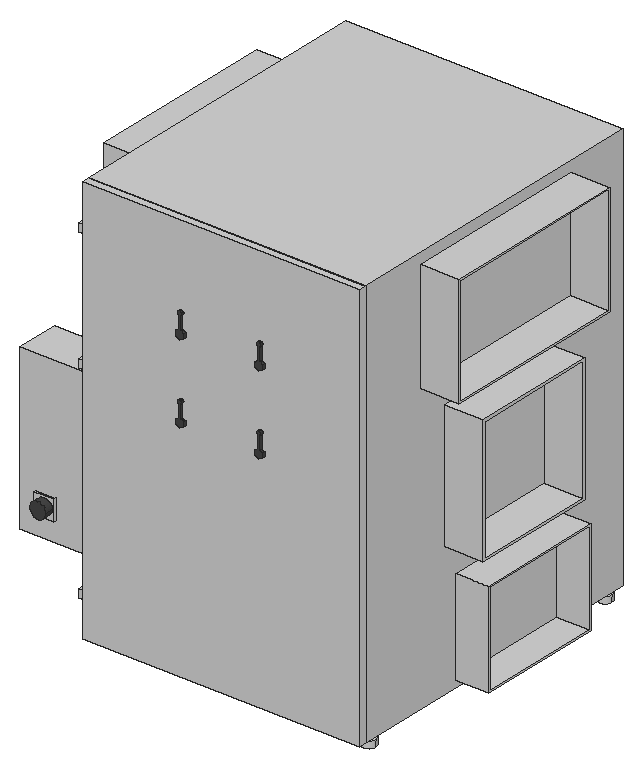
Revit family "Ventilator-RenewAire-Energy-Recovery-HE2XINV-Bypass", category Mechanical Equipment, Revit 2015
Parameters (values of type "1.5 HP 120V Single Phase")
  Voltage = "120"
  Ventilation Type = "Static Plate, Heat and Humidity Transfer"
  Unit Width = "42\""
  Unit Weight = "412-583 lbs."
  Unit Length = "50-1/2\""
  Unit Height = "52-1/2\""
  Unit = Metal - RenewAire - Anodized - Gray Text
  URL = "www.renewaire.com"
  Typical Airflow Range = "500-2,200 CFM"
  Standard Features = "TEFC Premium efficiency motors, Motor starters, Non-Fused Disconnect, 24VAC Transformer/Relay Package"
  Shipping Weight = "678 lbs."
  Service Area Visibility = no
  Service Area Box = Interference - RenewAire - Smooth - Light - Gold
  Revit Object Download Link = ""
  Phase = "Single"
  Options = "Integrated programmable controls, Fused disconnect, Double wall construction, Factory supplied and mounted variable frequency drives (VFDs) – one or both airstreams, Class 1 low leakage motorized isolation dampers – OA, RA or both airstreams, Qty. 2 Factory mounted filter alarms, Exterior Paint - white, custom colors, Bypass economizer (see bypass DIM drawing) – dry bulb temperature controls (standard), enthalpy controls (option)"
  Optional Motorized Damper - FA = yes
  Optional Motorized Damper - EA = yes
  Number Motors = "Qty. 2, Belt drive blower/standard motor packages with adjustable sheaves"
  Model = "HE 2XINV-Bypass"
  Minimum Circuit Amps = "34.2 A"
  Maximum Overcurrent Protection = "45 A"
  Max. Shipping Width = "47\""
  Max. Shipping Length = "70\""
  Max. Shipping Height = "57\""
  Manufacturer = "RenewAire LLC"
  Frequency = "60 HZ"
  FLA per Motor = "15.2"
  Description = "Energy Recovery Ventilator"
  Connector Base Material = Glass - With - Transparency
  Accessories = "Filters - MERV 13, 2\" (shipped loose), Digital time clock - wall mount(TC7D-W), in exterior enclosure (TC7D-E), Motion occupancy control - ceiling mount(MC-C), wall mount(MC-W), Carbon dioxide control - wall mount (CO2-W), duct mount(CO2-D), Electric duct heater – EK series (1-60 KW), Indirect gas-fired duct furnace - GH Series (50-400 MBH), installed downstream of any fans"
  AHRI 1060 Certified Core = "Two L125-G5"
Types (11): name | Voltage | Phase | Options | Minimum Circuit Amps | Maximum Overcurrent Protection | FLA per Motor
  (no name) | "120" | "Single" | "Integrated programmable controls, Fused disconnect, Double wall construction, Factory supplied and mounted variable frequency drives (VFDs) – one or both airstreams, Class 1 low leakage motorized isolation dampers – OA, RA or both airstreams, Qty. 2 Factory mounted filter alarms, Exterior Paint - white, custom colors, Bypass economizer (see bypass DIM drawing) – dry bulb temperature controls (standard), enthalpy controls (option)" | "34.2 A" | "45 A" | "15.2"
  1.5 HP 120V Single Phase | "120" | "Single" | "Integrated programmable controls, Fused disconnect, Double wall construction, Factory supplied and mounted variable frequency drives (VFDs) – one or both airstreams, Class 1 low leakage motorized isolation dampers – OA, RA or both airstreams, Qty. 2 Factory mounted filter alarms, Exterior Paint - white, custom colors, Bypass economizer (see bypass DIM drawing) – dry bulb temperature controls (standard), enthalpy controls (option)" | "34.2 A" | "45 A" | "15.2"
  1.5 HP 208-230V Single Phase | "208-230" | "Single" | "Integrated programmable controls, Fused disconnect, Double wall construction, Factory supplied and mounted variable frequency drives (VFDs) – one or both airstreams, Class 1 low leakage motorized isolation dampers – OA, RA or both airstreams, Qty. 2 Factory mounted filter alarms, Exterior Paint - white, custom colors, Bypass economizer (see bypass DIM drawing) – dry bulb temperature controls (standard), enthalpy controls (option)" | "18.5 A" | "25 A" | "8.2-7.6"
  1.5 HP 208-230V Three Phase | "208-230" | "Three" | "Integrated programmable controls, Fused disconnect, Double wall construction, Factory supplied and mounted variable frequency drives (VFDs) – one or both airstreams, Class 1 low leakage motorized isolation dampers – OA, RA or both airstreams, Qty. 2 Factory mounted filter alarms, Exterior Paint - white, custom colors, Bypass economizer (see bypass DIM drawing) – dry bulb temperature controls (standard), enthalpy controls (option)\r\nIntegrated programmable controls, Fused disconnect, Double wall construction, Factory supplied and mounted variable frequency drives (VFDs) – one or both airstreams, Class 1 low leakage motorized isolation dampers – FA, EA or both airstreams, Qty. 2 Factory mounted filter alarms, Exterior Paint - white, custom colors, Bypass economizer (see bypass DIM drawing) – dry bulb temperature controls (standard), enthalpy controls (option)" | "10.8 A" | "15 A" | "4.6-4.8"
  1.5 HP 460V Three Phase | "460" | "Three" | "Integrated programmable controls, Fused disconnect, Double wall construction, Factory supplied and mounted variable frequency drives (VFDs) – one or both airstreams, Class 1 low leakage motorized isolation dampers – OA, RA or both airstreams, Qty. 2 Factory mounted filter alarms, Exterior Paint - white, custom colors, Bypass economizer (see bypass DIM drawing) – dry bulb temperature controls (standard), enthalpy controls (option)" | "5.4 A" | "15 A" | "2.4"
  1.5 HP 575V Three Phase | "575" | "Three" | "Integrated programmable controls, Fused disconnect, Double wall construction, Factory supplied and mounted variable frequency drives (VFDs) – one or both airstreams, Class 1 low leakage motorized isolation dampers – OA, RA or both airstreams, Qty. 2 Factory mounted filter alarms, Exterior Paint - white, custom colors, Bypass economizer (see bypass DIM drawing) – dry bulb temperature controls (standard), enthalpy controls (option)" | "4.1 A" | "15 A" | "1.8"
  2.0 HP 120V Single Phase | "120" | "Single" | "Integrated programmable controls, Fused disconnect, Double wall construction, Factory supplied and mounted variable frequency drives (VFDs) – one or both airstreams, Class 1 low leakage motorized isolation dampers – OA, RA or both airstreams, Qty. 2 Factory mounted filter alarms, Exterior Paint - white, custom colors, Bypass economizer (see bypass DIM drawing) – dry bulb temperature controls (standard), enthalpy controls (option)" | "45.0 A" | "60 A" | "20.0"
  2.0 HP 208-230V Single Phase | "208-230" | "Single" | "Integrated programmable controls, Fused disconnect, Double wall construction, Factory supplied and mounted variable frequency drives (VFDs) – one or both airstreams, Class 1 low leakage motorized isolation dampers – OA, RA or both airstreams, Qty. 2 Factory mounted filter alarms, Exterior Paint - white, custom colors, Bypass economizer (see bypass DIM drawing) – dry bulb temperature controls (standard), enthalpy controls (option)" | "24.3 A" | "35 A" | "10.8-10.0"
  2.0 HP 208-230V Three Phase | "208-230" | "Three" | "Integrated programmable controls, Fused disconnect, Double wall construction, Factory supplied and mounted variable frequency drives (VFDs) – one or both airstreams, Class 1 low leakage motorized isolation dampers – OA, RA or both airstreams, Qty. 2 Factory mounted filter alarms, Exterior Paint - white, custom colors, Bypass economizer (see bypass DIM drawing) – dry bulb temperature controls (standard), enthalpy controls (option)" | "14.9" | "20 A" | "6.6-5.8"
  2.0 HP 460V Three Phase | "460" | "Three" | "Integrated programmable controls, Fused disconnect, Double wall construction, Factory supplied and mounted variable frequency drives (VFDs) – one or both airstreams, Class 1 low leakage motorized isolation dampers – OA, RA or both airstreams, Qty. 2 Factory mounted filter alarms, Exterior Paint - white, custom colors, Bypass economizer (see bypass DIM drawing) – dry bulb temperature controls (standard), enthalpy controls (option)" | "6.5 A" | "15 A" | "2.9"
  2.0 HP 575V Three Phase | "575" | "Three" | "Integrated programmable controls, Fused disconnect, Double wall construction, Factory supplied and mounted variable frequency drives (VFDs) – one or both airstreams, Class 1 low leakage motorized isolation dampers – OA, RA or both airstreams, Qty. 2 Factory mounted filter alarms, Exterior Paint - white, custom colors, Bypass economizer (see bypass DIM drawing) – dry bulb temperature controls (standard), enthalpy controls (option)" | "5.4 A" | "15 A" | "2.4"
Reference planes (in)
  plane 1 "Center (Front/Back)": y = 0
  plane 2: z = 0
  plane 3 "Center (Left/Right)": x = 0
Forms (in)
  Extrusion 1, solid, material "Metal - RenewAire - Anodized - Gray Text" <- "Unit"
    sketch origin (0, 0, 0) x (1, 0, 0) y (0, 0, 1)
      loop
        line (-17.4375, 51.625) -> (-17.4375, 0) -> (17.4375, 0) -> (17.4375, 51.625) -> (-17.4375, 51.625)
    from 20.25 to -20.25
  Extrusion 2, solid, material "Metal - RenewAire - Anodized - Gray Text"
    sketch origin (0, 0, 0) x (1, 0, 0) y (0, 0, 1)
      loop
        line (-17.4375, 51.625) -> (-17.4375, 0) -> (17.4375, 0) -> (17.4375, 51.625) -> (-17.4375, 51.625)
    from 21.25 to 20.25
  Extrusion 3, solid, material "Metal - RenewAire - Anodized - Gray Text"
    sketch origin (0, 0, 0) x (0, 1, 0) y (0, 0, 1)
      loop
        line (-6.125, 13) -> (-6.125, 1) -> (9.875, 1) -> (9.875, 13) -> (-6.125, 13)
      loop
        line (-6, 12.875) -> (-6, 1.125) -> (9.75, 1.125) -> (9.75, 12.875) -> (-6, 12.875)
    from 21.6875 to 17.4375
  Extrusion 4, solid, material "Metal - RenewAire - Anodized - Gray Text"
    sketch origin (0, 0, 0) x (0, 1, 0) y (0, 0, 1)
      loop
        line (-11.75, 50.375) -> (-11.75, 36.375) -> (12, 36.375) -> (12, 50.375) -> (-11.75, 50.375)
      loop
        line (-11.625, 50.25) -> (-11.625, 36.5) -> (11.875, 36.5) -> (11.875, 50.25) -> (-11.625, 50.25)
    from 22.4375 to 17.4375
  Extrusion 5, solid, material "Metal - RenewAire - Anodized - Gray Text"
    sketch origin (0, 0, 0) x (0, 1, 0) y (0, 0, 1)
      loop
        line (10.125, 13) -> (-5.875, 13) -> (-5.875, 1) -> (10.125, 1) -> (10.125, 13)
      loop
        line (10, 12.875) -> (-5.75, 12.875) -> (-5.75, 1.125) -> (10, 1.125) -> (10, 12.875)
    from -17.4375 to -21.6875
  Extrusion 6, solid, material "Metal - RenewAire - Anodized - Gray Text"
    sketch origin (0, 0, 16.5) x (0, 1, 0) y (0, 0, 1)
      loop
        line (12.375, 33.5) -> (-11.625, 33.5) -> (-11.625, 19.5) -> (12.375, 19.5) -> (12.375, 33.5)
      loop
        line (12.125, 33.25) -> (-11.375, 33.25) -> (-11.375, 19.75) -> (12.125, 19.75) -> (12.125, 33.25)
    from -17.4375 to -22.4375
  Extrusion 7, solid, material "Metal - RenewAire - Anodized - Gray Text" <- "Unit"
    sketch origin (0, 0, 0) x (0, 1, 0) y (0, 0, 1)
      loop
        line (-12.75, 28) -> (-18.25, 28) -> (-18.25, 7.5) -> (-12.75, 7.5) -> (-12.75, 28)
    from -17.4375 to -27.75
  Extrusion 8, solid, material "Metal - RenewAire - Anodized - Gray Text"
    sketch origin (7.625, 0, 0) x (1, 0, 0) y (0, 0, 1)
      loop
        line (-33.375, 12.5) -> (-33.375, 10) -> (-30.875, 10) -> (-30.875, 12.5) -> (-33.375, 12.5)
    from 18.25 to 18.5
  Extrusion 9, solid, material "MonitorPorts"
    sketch origin (7.625, 0, 0) x (1, 0, 0) y (0, 0, 1)
      loop
        circle (-32.125, 11.25) r 1
    from 19.5 to 18.5
  Extrusion 10, solid, material "Interference - RenewAire - Smooth - Light - Gold" <- "Service Area Box", visible <- "Service Area Visibility"
    sketch origin (0, 0, 0) x (1, 0, 0) y (0, 0, 1)
      loop
        line (-27.75, 51.625) -> (-27.75, 0) -> (17.4375, 0) -> (17.4375, 51.625) -> (-27.75, 51.625)
    from 58.125 to 21.25
  Extrusion 11, solid, material "Metal - RenewAire - Anodized - Gray Text"
    sketch origin (0, 0, 0) x (1, 0, 0) y (0, 1, 0)
      loop
        circle (-16.9375, 18.125) r 0.875
      loop
        circle (16.9375, 18.125) r 0.875
      loop
        circle (-16.9375, -19.125) r 0.875
      loop
        circle (16.9375, -19.125) r 0.875
    from 0 to -0.75
  Extrusion 12, solid, material "Metal - RenewAire - Anodized - Gray Text"
    sketch origin (0, 0, 0) x (1, 0, 0) y (0, 1, 0)
      loop
        line (-17.4375, -18) -> (-18.1875, -18) -> (-18.1875, -21) -> (-17.4375, -21) -> (-17.4375, -18)
    from 4.25 to 5.25
  Extrusion 13, solid, material "Metal - RenewAire - Anodized - Gray Text"
    sketch origin (0, 0, 0) x (1, 0, 0) y (0, 1, 0)
      loop
        line (-17.4375, -18) -> (-18.1875, -18) -> (-18.1875, -21) -> (-17.4375, -21) -> (-17.4375, -18)
    from 30.25 to 31.25
  Extrusion 14, solid, material "Metal - RenewAire - Anodized - Gray Text"
    sketch origin (0, 0, 0) x (1, 0, 0) y (0, 1, 0)
      loop
        line (-17.4375, -18) -> (-18.1875, -18) -> (-18.1875, -21) -> (-17.4375, -21) -> (-17.4375, -18)
    from 45.625 to 46.625
  Extrusion 15, solid, material "Metal - RenewAire - Anodized - Gray Text"
    sketch origin (0, 0, 0) x (0, 1, 0) y (0, 0, 1)
      loop
        line (-8, 32.875) -> (-8, 16.875) -> (8, 16.875) -> (8, 32.875) -> (-8, 32.875)
      loop
        line (-7.75, 32.625) -> (-7.75, 17.125) -> (7.75, 17.125) -> (7.75, 32.625) -> (-7.75, 32.625)
    from 22.4375 to 17.4375
Dimensions and locks (in)
  Extrusion 6 sketch curve to Extrusion 6 sketch curve to Extrusion 4 = 0' - 0 1/4", 1' - 1 1/4"
  aligned and locked: level to plane 2
  aligned and locked: Extrusion 7 to Extrusion 10
Nested families (in)
  nested 1: "Monitoring Port" at (-5, -21.25, 41.48274) x (-1, 0, 0) z (0, 0, -1), type "Monitoring Port"
  nested 2: "Monitoring Port" at (-5, -21.25, 31.48274) x (-1, 0, 0) z (0, 0, -1), type "Monitoring Port"
  nested 3: "Monitoring Port" at (5, -21.25, 41.48274) x (-1, 0, 0) z (0, 0, -1), type "Monitoring Port"
  nested 4: "Monitoring Port" at (5, -21.25, 31.48274) x (-1, 0, 0) z (0, 0, -1), type "Monitoring Port"
Connectors (in)
  hvac at (-17.4375, 0.375, 43)
    settings: on Extrusion 6, index 1, duct flow 0 CFM, flow factor 0, pres drop 0.00 in-wg, loss coef 0, conn angle 0.00°, conn width 24", conn height 14", conn diameter 24", duct sys type 2, conn prof type 1, flow config 0, flow direction 1, loss method 0, conn ref index -1, conn util no, is conn primary yes, conn desc "RA (Return Air)"
  hvac at (-17.4375, 2.125, 7)
    settings: on Extrusion 5, index 2, duct flow 0 CFM, flow factor 0, pres drop 0.00 in-wg, loss coef 0, conn angle 0.00°, conn width 16", conn height 12", conn diameter 24", duct sys type 1, conn prof type 1, flow config 0, flow direction 2, loss method 0, conn ref index -1, conn util no, is conn primary no, conn desc "FA (Fresh Air)"
  hvac at (17.4375, 1.875, 7)
    settings: on Extrusion 3, index 3, duct flow 0 CFM, flow factor 0, pres drop 0.00 in-wg, loss coef 0, conn angle 0.00°, conn width 16", conn height 12", conn diameter 24", duct sys type 3, conn prof type 1, flow config 0, flow direction 2, loss method 0, conn ref index -1, conn util no, is conn primary no, conn desc "EA (Exhaust Air)"
  hvac at (17.4375, 0.125, 43.375)
    settings: on Extrusion 4, index 4, duct flow 0 CFM, flow factor 0, pres drop 0.00 in-wg, loss coef 0, conn angle 0.00°, conn width 24", conn height 14", conn diameter 24", duct sys type 4, conn prof type 1, flow config 0, flow direction 1, loss method 0, conn ref index -1, conn util no, is conn primary no, conn desc "OA (Outside Air)"
  hvac at (22.4375, 0, 24.875)
    settings: on Extrusion 15, index 5, duct flow 0 CFM, flow factor 0, pres drop 0.00 in-wg, loss coef 0, conn angle 0.00°, conn width 16", conn height 16", conn diameter 24", duct sys type 4, conn prof type 1, flow config 0, flow direction 1, loss method 0, conn ref index -1, conn util no, is conn primary no, conn desc "BP (Bypass Air)"
Definition of nested family "Monitoring Port"
  Parameters
    URL = "www.renewaire.com"
    Revit Object Download Link = ""
    Model = ""
    Manufacturer = "RenewAire LLC"
    Description = "Monitoring Ports"
  Reference planes (in)
    plane 1 "Center (Front/Back)": y = 0
    plane 2: z = 0
    plane 3 "Center (Left/Right)": x = 0
  Forms (in)
    Extrusion 1, solid
      sketch origin (-9.43348, 0, 37.76669) x (-1, 0, 0) y (0, 0, -1)
        loop
          line (-9.53348, 35.65895) -> (-9.94097, 35.42369) -> (-9.94097, 34.83769) -> (-9.43348, 34.54469) -> (-8.92599, 34.83769) -> (-8.92599, 35.42369) -> (-9.33348, 35.65895) -> (-9.33348, 37.28756)
          arc (-9.33348, 37.28756) -> (-9.43348, 37.76669) -> (-9.53348, 37.28756) r 0.25
          line (-9.53348, 37.28756) -> (-9.53348, 35.65895)
      from 0 to 0.25
  Dimensions and locks (in)
    aligned and locked: level to plane 2
